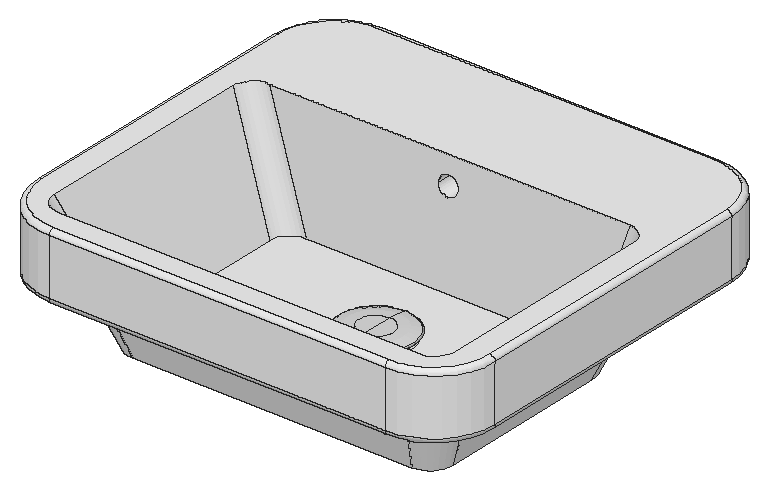
Revit family "Reece_Basin_Roca_The Gap_Semi Inset Basin_450 mm", category Plumbing Fixtures, host Face, Revit 2018
Family settings
  Host = Face
  Round Connector Dimension = Use Diameter
  Part Type = Normal
  Cut with Voids When Loaded = No
  Shared = Yes
  Room Calculation Point = Yes
Parameters (values of type "1 Taphole_Vitreous China")
  WFU = 0  # constant formula
  URL = "https://www.reece.com.au/product/-9506764"
  Type Comments = "Basin"
  Reece_Product_Web Page = "https://www.reece.com.au/product/-9506764"
  Reece_Product_Type = "Basin"  # constant formula
  Reece_Product_Sub Brand = "The Gap"  # constant formula
  Reece_Product_Number = "9506764"
  Reece_Product_Mount = "Semi Inset"  # constant formula
  Reece_Product_Description = "Roca The Gap Semi Inset Basin 450mm x 410mm 1 Taphole White"  # constant formula
  Reece_Product_Brand = "Roca"  # constant formula
  Reece_Overall_Width = 450 mm  # constant formula
  Reece_Overall_Length = 410 mm  # constant formula
  Reece_Overall_Height = 165 mm  # constant formula
  Reece_Overall_Capacity = 4.90 L  # constant formula
  Reece_Material_Secondary = Reece_Brass_Chrome
  Reece_Material_Main = Reece_Vitreous China_White
  Reece_Detail_Installation = "Semi Inset Basin"  # constant formula
  Reece_Detail_Disclaimer = "THIS FILE IS THE PROPERTY OF THE REECE GROUP. IT MAY NOT BE REPRODUCED, REVERSE-ENGINEERED, OR MODIFIED. ANY REPUBLICATION, TRANSMISSION, OR DISTRIBUTION FOR THE PURPOSE OF COMMERCIALLY EXPLOITING THE FILES IS PROHIBITED."  # constant formula
  Reece_Detail_Connector = "1 Taphole"  # constant formula
  Reece_Detail_Additional = "Overflow"  # constant formula
  Reece_Bath_Outlet = 50 mm  # constant formula
  Model = "The Gap"
  Manufacturer = "Roca"
  Keynote = "Product #9506764, Reece_Basin_Roca_The Gap_Semi Inset Basin_450 mm - 1 Taphole_Vitreous China"
  HWFU = 0  # constant formula
  Disclaimer = "THIS FILE IS THE PROPERTY OF THE REECE GROUP. IT MAY NOT BE REPRODUCED, REVERSE-ENGINEERED, OR MODIFIED. ANY REPUBLICATION, TRANSMISSION, OR DISTRIBUTION FOR THE PURPOSE OF COMMERCIALLY EXPLOITING THE FILES IS PROHIBITED."  # constant formula
  Description = "Roca The Gap Semi Inset Basin 450mm x 410mm 1 Taphole White"
  Default Elevation = 1000 mm
  CWFU = 0  # constant formula
Reference planes
  plane 1 "Center (Front/Back)": y = -79.125
  plane 2 "Bottom": z = 0
  plane 3 "Center (Left/Right)": x = 0
  plane 4 "Top": z = 65
  plane 5: y = 125.875
  plane 6: x = 225
  plane 7: x = -225
  plane 8: y = -284.125
  plane 9: z = -100
  plane 10: x = -197
  plane 11: x = 197
  plane 12 "Taphole 1": y = 65.875
  plane 13 "Basin Taphole": y = -89.125
  plane 14 "Basin": y = 0.875
  plane 15: y = -258.125
  plane 16: z = -55
  plane 17: z = -80
Forms (mm)
  Sweep 1, solid, material "Reece_Vitreous China_White" <- "Reece_Material_Main"
    path origin (0, 0, 0) x (1, 0, 0) y (0, 1, 0)
      loop
        line (-225, 65.875) -> (-225, -224.125)
        arc (-225, -224.125) -> (-207.426, -266.551) -> (-165, -284.125) r 60
        line (-165, -284.125) -> (165, -284.125)
        arc (165, -284.125) -> (207.426, -266.551) -> (225, -224.125) r 60
        line (225, -224.125) -> (225, 65.875)
        arc (225, 65.875) -> (207.426, 108.302) -> (165, 125.875) r 60
        line (165, 125.875) -> (-165, 125.875)
        arc (-165, 125.875) -> (-207.426, 108.302) -> (-225, 65.875) r 60
    profile origin (-225, -79.125, 0) x (1, 0, 0) y (0, 0, 1)
      loop
        line (5, 0) -> (14.05, 0) -> (14.05, 50) -> (28, 50) -> (28, 65) -> (14.05, 65) -> (5, 65)
        arc (5, 65) -> (1.464, 63.536) -> (0, 60) r 5
        line (0, 60) -> (0, 5)
        arc (0, 5) -> (1.464, 1.464) -> (5, 0) r 5
  Extrusion 2, solid, material "Reece_Vitreous China_White" <- "Reece_Material_Main"
    sketch origin (0, -79.044, 29.703) x (1, 0, 0) y (0, 1, 0)
      loop
        arc (-165, 190.869) -> (-197.491, 177.41) -> (-210.95, 144.919) r 45.95
        line (-210.95, 144.919) -> (-210.95, -145.081)
        arc (-210.95, -145.081) -> (-197.491, -177.572) -> (-165, -191.031) r 45.95
        line (-165, -191.031) -> (165, -191.031)
        arc (165, -191.031) -> (197.491, -177.572) -> (210.95, -145.081) r 45.95
        line (210.95, -145.081) -> (210.95, 144.919)
        arc (210.95, 144.919) -> (197.491, 177.41) -> (165, 190.869) r 45.95
        line (165, 190.869) -> (-165, 190.869)
    from 20.297 to 35.297
  SweptBlend 3, void
    path origin (0, -79.125, 0) x (1, 0, 0) y (0, 0, 1)
      loop
        line (0, -55) -> (0, 65)
    profile origin (0, -79.125, -55) x (-1, 0, 0) y (0, -1, 0)
      loop
        line (157, -55.05) -> (157, 115.05)
        arc (157, 115.05) -> (151.157, 129.157) -> (137.05, 135) r 19.95
        line (137.05, 135) -> (-137.05, 135)
        arc (-137.05, 135) -> (-151.157, 129.157) -> (-157, 115.05) r 19.95
        line (-157, 115.05) -> (-157, -55.05)
        arc (-157, -55.05) -> (-151.157, -69.157) -> (-137.05, -75) r 19.95
        line (-137.05, -75) -> (137.05, -75)
        arc (137.05, -75) -> (151.157, -69.157) -> (157, -55.05) r 19.95
    end profile origin (0, -79.125, 65) x (-1, 0, 0) y (0, -1, 0)
      loop
        line (177.05, 179) -> (-177.05, 179)
        arc (-177.05, 179) -> (-191.157, 173.157) -> (-197, 159.05) r 19.95
        line (-197, 159.05) -> (-197, -60.05)
        arc (-197, -60.05) -> (-191.157, -74.157) -> (-177.05, -80) r 19.95
        line (-177.05, -80) -> (177.05, -80)
        arc (177.05, -80) -> (191.157, -74.157) -> (197, -60.05) r 19.95
        line (197, -60.05) -> (197, 159.05)
        arc (197, 159.05) -> (191.157, 173.157) -> (177.05, 179) r 19.95
  Extrusion 4, void
    sketch origin (0, 0, 0) x (1, 0, 0) y (0, 1, 0)
      loop
        arc (-165, 26.875) -> (-197.491, 13.417) -> (-210.95, -19.074) r 45.95
        line (-210.95, -19.074) -> (-210.95, -224.125)
        arc (-210.95, -224.125) -> (-197.491, -256.616) -> (-165, -270.074) r 45.95
        line (-165, -270.074) -> (165, -270.074)
        arc (165, -270.074) -> (197.491, -256.616) -> (210.95, -224.125) r 45.95
        line (210.95, -224.125) -> (210.95, -19.074)
        arc (210.95, -19.074) -> (197.491, 13.417) -> (165, 26.875) r 45.95
        line (165, 26.875) -> (-165, 26.875)
    from -66.747 to 0
  Revolve 5, solid, material "Reece_Brass_Chrome" <- "Reece_Material_Secondary"
    sketch origin (0, 7.803, -53.837) x (0, 1, 0) y (0, 0, 1)
      loop
        line (-132.187, 1.607) -> (-96.928, 1.607) -> (-96.928, 7.189) -> (-113.596, 7.189)
        arc (-113.596, 7.189) -> (-123.355, 6.496) -> (-132.918, 4.433) r 69.106
        arc (-132.918, 4.433) -> (-133.607, 3.721) -> (-133.345, 2.766) r 1
        line (-133.345, 2.766) -> (-132.187, 1.607)
      axis (-96.928, 7.189) -> (-96.928, 1.607)
    angle from 0 to 360
  Revolve 6, void
    sketch origin (0, 357.799, -4.962) x (0, 1, 0) y (0, 0, 1)
      loop
        arc (-481.924, -50.038) -> (-474.762, -54.072) -> (-471.924, -61.785) r 11.9
        line (-471.924, -61.785) -> (-471.924, -113.385) -> (-446.924, -113.385) -> (-446.924, -50.038) -> (-481.924, -50.038)
      axis (-446.924, -50.038) -> (-446.924, -113.385)
    angle from 0 to 360
  Extrusion 7, void
    sketch origin (0, -79.125, 0) x (1, 0, 0) y (0, 0, 1)
      loop
        circle (0.078, 45.097) r 10
    from -100.516 to -63.958
  Revolve 8, solid, material "Reece_Vitreous China_White" <- "Reece_Material_Main"
    sketch origin (0, 0, 0) x (0, 1, 0) y (0, 0, 1)
      loop
        line (-64.125, -66.747) -> (-64.125, -100) -> (-61.125, -100) -> (-61.125, -66.747) -> (-64.125, -66.747)
      axis (-89.125, -66.747) -> (-89.125, -100)
    angle from 0 to 360
  SweptBlend 9, solid, material "Reece_Vitreous China_White" <- "Reece_Material_Main"
    path origin (0, -79.125, 0) x (1, 0, 0) y (0, 0, 1)
      loop
        line (0, -66.747) -> (0, 65)
    profile origin (0, -79.125, -66.747) x (-1, 0, 0) y (0, -1, 0)
      loop
        line (160, -55.05) -> (160, 115.05)
        arc (160, 115.05) -> (153.278, 131.278) -> (137.05, 138) r 22.95
        line (137.05, 138) -> (-137.05, 138)
        arc (-137.05, 138) -> (-153.278, 131.278) -> (-160, 115.05) r 22.95
        line (-160, 115.05) -> (-160, -55.05)
        arc (-160, -55.05) -> (-153.278, -71.278) -> (-137.05, -78) r 22.95
        line (-137.05, -78) -> (137.05, -78)
        arc (137.05, -78) -> (153.278, -71.278) -> (160, -55.05) r 22.95
    end profile origin (0, -79.125, 65) x (-1, 0, 0) y (0, -1, 0)
      loop
        line (210.95, -105.28) -> (210.95, 145)
        arc (210.95, 145) -> (197.491, 177.491) -> (165, 190.95) r 45.95
        line (165, 190.95) -> (-165, 190.95)
        arc (-165, 190.95) -> (-197.491, 177.491) -> (-210.95, 145) r 45.95
        line (-210.95, 145) -> (-210.95, -105.28) -> (210.95, -105.28)
  Extrusion 10, void
    sketch origin (0, -79.125, 0) x (1, 0, 0) y (0, 0, 1)
      loop
        circle (0, 37.48) r 10
    from -123.588 to -32.17
  Extrusion 11, void
    sketch origin (0, 0, 65) x (-1, 0, 0) y (0, -1, 0)
      loop
        circle (0, 89.125) r 28
    from -207.52 to -80.762
Cuts and joins
  SweptBlend 3, Revolve 6, Extrusion 7, Extrusion 10 cuts Sweep 1
  SweptBlend 3, Revolve 6, Extrusion 7, Extrusion 10 cuts Extrusion 2
  SweptBlend 3, Revolve 6, Extrusion 10 cuts SweptBlend 9
  joined: Sweep 1, Extrusion 2, Revolve 8, SweptBlend 9
Lines and regions (mm)
  model lines
    curve 1: circle (0, 65.875, 65) r 17.5 normal (0, 0, 1)
Text (mm)
  text "Reece ©" at (-902.343, -740.328, 0), in view "Ref. Level"
  text "Reece ©" at (44.384, 258.95, 192.345), in view "Reece Preview"
Dimensions and locks
  equal spacing: plane 7, plane 3 "Center (Left/Right)", plane 6
  "Reece_Overall_Width": plane 7 to plane 6
  "Reece_Overall_Length": plane 5 to plane 8
  equal spacing: plane 5, plane 1 "Center (Front/Back)", plane 8
  "Reece_Overall_Height": plane 4 "Top" to plane 9
  plane 10 to SweptBlend 3 sketch curve = 40 mm
  SweptBlend 3 sketch curve to plane 11 = 40 mm
  plane 5 to plane 14 "Basin" = 125 mm
  Revolve 6 sketch curve to Revolve 6 sketch curve = 25 mm
  aligned and locked: host face to plane 2 "Bottom"
  aligned and locked: host face to level
  aligned and locked: plane 4 "Top" to Extrusion 2
  aligned and locked: level to Extrusion 4
  aligned and locked: plane 3 "Center (Left/Right)" to curve 1
  aligned and locked: plane 12 "Taphole 1" to curve 1
  aligned and locked: plane 3 "Center (Left/Right)" to Revolve 6
Automatic sketch dimensions
  host sketch curve to host sketch curve = 801.051 mm
  host sketch curve to host sketch curve = 660.299 mm
  Sweep 1 sketch curve to plane 7 = 0 mm
  Sweep 1 sketch curve to plane 5 = 0 mm
  Sweep 1 sketch curve to plane 12 "Taphole 1" = 0 mm
  Sweep 1 sketch curve to plane 11 = 32 mm
  Sweep 1 sketch curve to plane 6 = 0 mm
  plane 15 to Sweep 1 sketch curve = 34 mm
  plane 8 to Sweep 1 sketch curve = 0 mm
  plane 10 to Sweep 1 sketch curve = 32 mm
  Extrusion 2 sketch curve to plane 12 "Taphole 1" = 0 mm  (x2)
  Extrusion 2 sketch curve to plane 5 = 14.05 mm
  plane 10 to Extrusion 2 sketch curve = 32 mm  (x2)
  Extrusion 2 sketch curve to plane 11 = 32 mm  (x2)
  plane 15 to Extrusion 2 sketch curve = 34 mm
  SweptBlend 3 sketch curve to plane 3 "Center (Left/Right)" = 0 mm
  SweptBlend 3 sketch curve to plane 16 = 0 mm
  SweptBlend 3 sketch curve to plane 4 "Top" = 0 mm
  SweptBlend 3 sketch curve to SweptBlend 3 sketch curve = 19.95 mm  (x6)
  SweptBlend 3 sketch curve to profile plane = 177.05 mm  (x2)
  plane 1 "Center (Front/Back)" to SweptBlend 3 sketch curve = 159.05 mm
  profile plane to SweptBlend 3 sketch curve = 177.05 mm  (x2)
  SweptBlend 3 sketch curve to plane 1 "Center (Front/Back)" = 60.05 mm
  SweptBlend 3 sketch curve to plane 1 "Center (Front/Back)" = 75 mm
  plane 1 "Center (Front/Back)" to SweptBlend 3 sketch curve = 115.05 mm
  Extrusion 4 sketch curve to plane 10 = 13.95 mm
  plane 10 to Extrusion 4 sketch curve = 32 mm  (x2)
  Extrusion 4 sketch curve to plane 11 = 32 mm  (x2)
  plane 11 to Extrusion 4 sketch curve = 13.95 mm
  Extrusion 4 sketch curve to plane 15 = 11.95 mm
  Extrusion 4 sketch curve to plane 14 "Basin" = 19.95 mm
  plane 3 "Center (Left/Right)" to Extrusion 7 sketch curve = 0.078 mm
  Extrusion 7 sketch curve to plane 4 "Top" = 19.903 mm
  Revolve 8 sketch curve to plane 13 "Basin Taphole" = 0 mm
  Revolve 8 sketch curve to plane 9 = 0 mm  (x2)
  Revolve 8 sketch curve to plane 1 "Center (Front/Back)" = 15 mm
  Revolve 8 sketch curve to Revolve 8 sketch curve = 3 mm
  Revolve 8 sketch curve to plane 16 = 11.747 mm  (x2)
  SweptBlend 9 sketch curve to plane 1 "Center (Front/Back)" = 105.28 mm
  SweptBlend 9 sketch curve to profile plane = 210.95 mm
  profile plane to SweptBlend 9 sketch curve = 210.95 mm
  plane 1 "Center (Front/Back)" to SweptBlend 9 sketch curve = 145 mm
  SweptBlend 9 sketch curve to SweptBlend 9 sketch curve = 45.95 mm  (x2)
  profile plane to SweptBlend 9 sketch curve = 160 mm
  SweptBlend 9 sketch curve to SweptBlend 9 sketch curve = 22.95 mm  (x3)
  plane 1 "Center (Front/Back)" to SweptBlend 9 sketch curve = 115.05 mm
  SweptBlend 9 sketch curve to profile plane = 137.05 mm  (x2)
  SweptBlend 9 sketch curve to plane 1 "Center (Front/Back)" = 55.05 mm
  SweptBlend 9 sketch curve to plane 3 "Center (Left/Right)" = 0 mm
  SweptBlend 9 sketch curve to plane 4 "Top" = 0 mm
  SweptBlend 9 sketch curve to plane 16 = 11.747 mm
  Extrusion 10 sketch curve to plane 3 "Center (Left/Right)" = 0 mm
  Extrusion 10 sketch curve to plane 4 "Top" = 27.52 mm
  profile plane to Sweep 1 sketch curve = 0 mm
  Sweep 1 sketch curve to level = 0 mm
  Sweep 1 sketch curve to profile plane = 5 mm
  level to Sweep 1 sketch curve = 5 mm
  Sweep 1 sketch curve to Sweep 1 sketch curve = 13.95 mm
  Sweep 1 sketch curve to Sweep 1 sketch curve = 55 mm
  Sweep 1 sketch curve to Sweep 1 sketch curve = 9.05 mm  (x2)
  Sweep 1 sketch curve to Sweep 1 sketch curve = 15 mm
  Revolve 6 sketch curve to plane 16 = 0 mm
  Revolve 6 sketch curve to plane 13 "Basin Taphole" = 0 mm  (x2)
  Revolve 6 sketch curve to Revolve 6 sketch curve = 11.9 mm
  Revolve 6 sketch curve to plane 16 = 11.747 mm
  Revolve 6 sketch curve to plane 9 = 18.347 mm
  Revolve 6 sketch curve to plane 9 = 8.75 mm
  plane 16 to Revolve 6 sketch curve = 11.25 mm
  Revolve 5 sketch curve to plane 13 "Basin Taphole" = 0 mm  (x2)
  plane 16 to Revolve 5 sketch curve = 8.352 mm
  Revolve 5 sketch curve to plane 13 "Basin Taphole" = 16.667 mm
  plane 16 to Revolve 5 sketch curve = 2.77 mm
  Revolve 5 sketch curve to Revolve 5 sketch curve = 18.591 mm
  Revolve 5 sketch curve to Revolve 5 sketch curve = 0.452 mm
  plane 16 to Revolve 5 sketch curve = 3.928 mm
  Revolve 5 sketch curve to Revolve 5 sketch curve = 0.707 mm  (x2)
  Revolve 5 sketch curve to plane 9 = 15.755 mm
  Revolve 5 sketch curve to Revolve 5 sketch curve = 7.643 mm
  Revolve 5 sketch curve to Revolve 5 sketch curve = 18.251 mm
  Extrusion 11 sketch curve to plane 3 "Center (Left/Right)" = 0 mm
  Extrusion 11 sketch curve to plane 13 "Basin Taphole" = 0 mm
  radius of curve 1 = 17.5 mm
  radius of Extrusion 7 sketch curve = 10 mm
  radius of Extrusion 10 sketch curve = 10 mm
  radius of Extrusion 11 sketch curve = 28 mm
Connectors
  piping at (0, -89.125, -66.747), diameter 50, driven by "Reece_Bath_Outlet"
    settings: on cut or joined group of Sweep 1, Extrusion 2, SweptBlend 3, Revolve 6, Extrusion 7, Revolve 8, SweptBlend 9, Extrusion 10, index 1, connector inside diameter 609.6 mm, connector length 0 mm, flow factor 0, pipe flow 0.0 L/s, pressure drop 0.0 Pa, fitting loss kfactor 0, connector angle 0.00°, fixture units 0, engagement length 0 mm, angle of deflection 0.00°, flow configuration 0, flow direction 2, fitting loss method 0, system type 16, joint type 0, gender type 0, connector reference index -1, connector utility 0, adjustable connector no, is connector primary yes, connector description ""
